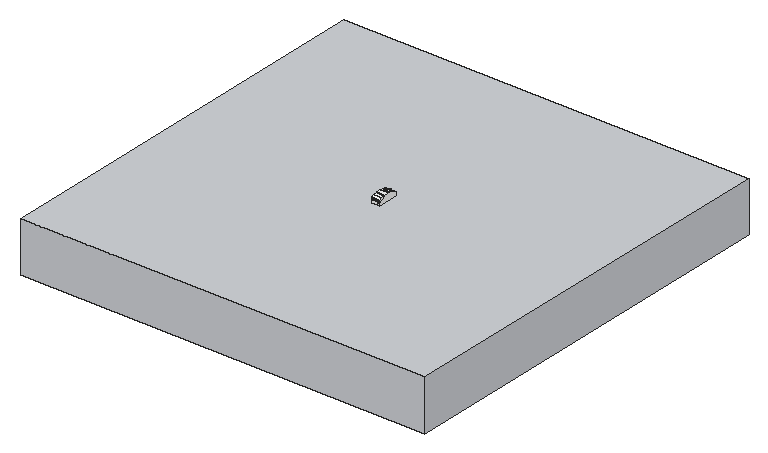
Revit family "Legrand_Lighting_Management_DALI_Power_Supply_Ceiling", category Dispositifs d'éclairage, Revit 2020
Family settings
  Hôte = Face
  Conserver l'orientation des annotations = Non
  Cote de connecteur circulaire = Utiliser le diamètre
  Type d'élément = Normal
  Couper avec des vides une fois chargée = Non
  Partagée = Non
  Point de calcul de pièce = Non
Parameters (values of type "DALI Power Supply")
  Voltage type = ""
  URL = "http://www.legrandoc.com/003515"
  Temperature (MIN) (°C) = 0
  Temperature (MAX) (°C) = 0
  Suitable for wireless transmission = no
  Substation input = no
  Response value sensitivity adjustable = no
  Response value luminosity adjustable = no
  Response value luminosity (MIN) (lx) = 0
  Response value luminosity (MAX) (lx) = 0
  Remote operation = no
  RAL-number (akin) = 0
  Nominal voltage (V) = 0
  Mounting method = "Other"
  Modèle = "003515"
  Model = ""
  Min. switch-on time (s) = 0
  Maximum mounting height (m) = 0
  Max. transmission range sideways (m) = 0
  Max. transmission range frontally (m) = 0
  Max. switching power (W) = 0
  Max. starting current (A) = 0
  Max. duty cycle (mn) = 0
  Liaison neutre = no
  HVAC-control = no
  Gestion alarme = no
  General Conditions of Use = "https://export.legrand.com/en/terms-of-use-BIM-objects"
  Frequency (MIN) (Hz) = 0
  Frequency (MAX) (Hz) = 0
  Forced switch off = no
  Fabricant = "Legrand"
  Default Elevation = 1219.2 mm
  Dim function with dimmer basic element = no
  Diameter detection range on floor (m) = 0
  Detection angle horizontal (MIN) (°) = 0
  Detection angle horizontal (MAX) (°) = 0
  Description = "DALI power supply - 230 V - 250 mA - 16 V= - for false ceiling"
  Degree of protection (IP) = ""
  Cosses d'artère secondaire = no
  Constant light control = no
  Colour = none
  Collecteur de terre = no
  Boite de contrôle 2 sorties DALI = no
  Alimentation DALI = yes
Types (3, lengths in mm): name | URL | Substation input | Mounting method | Modèle | Model | Frequency (MIN) (Hz) | Frequency (MAX) (Hz) | Description | Degree of protection (IP) | Boite de contrôle 2 sorties DALI | Alimentation DALI
  (no name) | "http://www.legrandoc.com/048876" | yes | "Surface mounted (plaster)" | "048876" | "Control module" | 50 | 60 | "DALI power supply - for Cat.Nos 0 489 35/36 - 16 DALI ballasts max." | "IP20" | yes | no
  DALI Power Supply | "http://www.legrandoc.com/003515" | no | "Other" | "003515" | "" | 0 | 0 | "DALI power supply - 230 V - 250 mA - 16 V= - for false ceiling" | "" | no | yes
  Control Box 2 outputs DALI | "http://www.legrandoc.com/048876" | yes | "Surface mounted (plaster)" | "048876" | "Control module" | 50 | 60 | "DALI power supply - for Cat.Nos 0 489 35/36 - 16 DALI ballasts max." | "IP20" | yes | no
Reference planes
  plane 1 "Centre (avant/arrière)": y = 0
  plane 2: z = 0
  plane 3 "Centre (gauche/droite)": x = 0
Forms (mm)
  Extrusion 1, solid
    sketch origin (0, 0, 0) x (1, 0, 0) y (0, 1, 0)
      loop
        line (-1219.2, 1219.2) -> (-1219.2, -1219.2) -> (1219.2, -1219.2) -> (1219.2, 1219.2) -> (-1219.2, 1219.2)
    from 0 to -304.8
Dimensions and locks
  aligned and locked: plane 2 to Extrusion 1
  aligned and locked: level to Extrusion 1
Nested families
  nested 1: "Modelisation 50" at (-25.75, 0, 0), visible <- "Boite de contrôle 2 sorties DALI", type "Modelisation 50"
  nested 2: "Modelisation 49" at (-25.75, 0, 0), visible <- "Alimentation DALI", type "Modelisation 49"
Connectors
  electrical at (0, 0, 0)
    settings: index 1, voltage 230 V, apparent load 0 VA, apparent load phase1 0 VA, apparent load phase2 0 VA, apparent load phase3 0 VA, power factor 1, load classification "Eclairage", number of poles 1, system type 30, power factor state 1, is connector primary yes, connector utility no, sub classification motor no, connector description ""
Definition of nested family "Modelisation 50"
  Parameters (values of type "Modelisation 50")
    Matériau couleur = none
    Longueur = 115 mm
    Largeur = 190 mm
    built-in parameter 1140140 [instance] = 1 (stored number, unit not read)
    Hauteur = 38 mm
    Default Elevation = 0 mm
    built-in parameter 1140142 [instance] = -1
    built-in parameter 1155100 [instance] = -1
  Reference planes
    plane 1 "Centre (avant/arrière)": y = 0
    plane 2: z = 0
    plane 3 "Centre (gauche/droite)": x = 25.75
  Forms (mm)
    Extrusion 1, solid, material <- "Matériau couleur"
      sketch origin (25.75, 80, 30) x (0, 0, 1) y (0, -1, 0)
        loop
          line (-30, 120) -> (-30, 0) -> (15, 0)
          arc (15, 0) -> (18.536, 1.464) -> (20, 5) r 5
          line (20, 5) -> (20, 20)
          arc (20, 20) -> (21.293, 24.912) -> (23.734, 29.365) r 20.874
          arc (23.734, 29.365) -> (27.981, 37.311) -> (30, 46.09) r 34.122
          line (30, 46.09) -> (30, 120) -> (-30, 120)
      from -95 to 95
    Extrusion 2, solid, material <- "Matériau couleur"
      sketch origin (25.75, 31, 29.578) x (0, 0, -1) y (1, 0, 0)
        loop
          arc (7.578, -70) -> (17.578, -80) -> (27.578, -70) r 10
          line (27.578, -70) -> (27.578, 70)
          arc (27.578, 70) -> (17.578, 80) -> (7.578, 70) r 10
          line (7.578, 70) -> (7.578, -70)
      from 71 to 86
    Extrusion 3, solid, material <- "Matériau couleur"
      sketch origin (25.75, 31, 29.578) x (0, 0, -1) y (1, 0, 0)
        loop
          line (25.078, -70) -> (25.078, 70)
          arc (25.078, 70) -> (17.578, 77.5) -> (10.078, 70) r 7.5
          line (10.078, 70) -> (10.078, -70)
          arc (10.078, -70) -> (17.578, -77.5) -> (25.078, -70) r 7.5
      from 86 to 101
    Extrusion 4, solid, material <- "Matériau couleur"
      sketch origin (0, 80, -19.5) x (0, -1, 0) y (1, 0, 0)
        loop
          line (150, 95.75) -> (150, 83.75) -> (154, 83.75)
          arc (154, 83.75) -> (160, 89.75) -> (154, 95.75) r 6
          line (154, 95.75) -> (150, 95.75)
        loop
          line (150, 45.25) -> (150, 33.25) -> (154, 33.25)
          arc (154, 33.25) -> (160, 39.25) -> (154, 45.25) r 6
          line (154, 45.25) -> (150, 45.25)
        loop
          line (150, 62.05) -> (150, 50.05) -> (154, 50.05)
          arc (154, 50.05) -> (160, 56.05) -> (154, 62.05) r 6
          line (154, 62.05) -> (150, 62.05)
        loop
          line (150, 78.95) -> (150, 66.95) -> (154, 66.95)
          arc (154, 66.95) -> (160, 72.95) -> (154, 78.95) r 6
          line (154, 78.95) -> (150, 78.95)
        loop
          line (150, 18.25) -> (150, 6.25) -> (154, 6.25)
          arc (154, 6.25) -> (160, 12.25) -> (154, 18.25) r 6
          line (154, 18.25) -> (150, 18.25)
        loop
          line (150, -32.25) -> (150, -44.25) -> (154, -44.25)
          arc (154, -44.25) -> (160, -38.25) -> (154, -32.25) r 6
          line (154, -32.25) -> (150, -32.25)
        loop
          line (150, -15.45) -> (150, -27.45) -> (154, -27.45)
          arc (154, -27.45) -> (160, -21.45) -> (154, -15.45) r 6
          line (154, -15.45) -> (150, -15.45)
        loop
          line (150, 1.45) -> (150, -10.55) -> (154, -10.55)
          arc (154, -10.55) -> (160, -4.55) -> (154, 1.45) r 6
          line (154, 1.45) -> (150, 1.45)
      from 24 to 25.5
    Extrusion 5, void
      sketch origin (25.75, 31, 29.578) x (0, 0, -1) y (1, 0, 0)
        loop
          line (23.578, -70) -> (23.578, -7.5) -> (16.578, -7.5)
          arc (16.578, -7.5) -> (13.043, -8.964) -> (11.578, -12.5) r 5
          line (11.578, -12.5) -> (11.578, -65)
          arc (11.578, -65) -> (13.043, -68.536) -> (16.578, -70) r 5
          line (16.578, -70) -> (23.578, -70)
        loop
          line (23.578, 7.5) -> (23.578, 70) -> (16.578, 70)
          arc (16.578, 70) -> (13.043, 68.536) -> (11.578, 65) r 5
          line (11.578, 65) -> (11.578, 12.5)
          arc (11.578, 12.5) -> (13.043, 8.964) -> (16.578, 7.5) r 5
          line (16.578, 7.5) -> (23.578, 7.5)
      from 86 to 101
    Extrusion 6, void
      sketch origin (25.75, 51, 3.989) x (-1, 0, 0) y (0, -1, 0)
        loop
          arc (-95, 81) -> (-92.071, 88.071) -> (-85, 91) r 10
          line (-85, 91) -> (-95, 91) -> (-95, 81)
      from -3.989 to 56.011
    Extrusion 7, void
      sketch origin (25.75, 51, 3.989) x (-1, 0, 0) y (0, -1, 0)
        loop
          line (95, 81) -> (95, 91) -> (85, 91)
          arc (85, 91) -> (92.071, 88.071) -> (95, 81) r 10
      from -3.989 to 56.011
    Extrusion 8, void
      sketch origin (25.75, -11, 3.989) x (1, 0, 0) y (0, 1, 0)
        loop
          line (95, 81) -> (95, 91) -> (85, 91)
          arc (85, 91) -> (92.071, 88.071) -> (95, 81) r 10
      from -3.989 to 46.011
    Extrusion 9, void
      sketch origin (25.75, -11, 3.989) x (1, 0, 0) y (0, 1, 0)
        loop
          arc (-95, 81) -> (-92.071, 88.071) -> (-85, 91) r 10
          line (-85, 91) -> (-95, 91) -> (-95, 81)
      from -3.989 to 46.011
  Cuts and joins
    Extrusion 5, Extrusion 6, Extrusion 7, Extrusion 8, Extrusion 9 cuts Extrusion 1
    Extrusion 5 cuts Extrusion 3
  Dimensions and locks
    aligned and locked: level to plane 2
Definition of nested family "Modelisation 49"
  Parameters (values of type "Modelisation 49")
    Matériau couleur = none
    Longueur = 115 mm
    Largeur = 50 mm
    built-in parameter 1140140 [instance] = 1 (stored number, unit not read)
    Hauteur = 38 mm
    Default Elevation = 0 mm
    built-in parameter 1140142 [instance] = -1
    built-in parameter 1155100 [instance] = -1
  Reference planes
    plane 1 "Centre (avant/arrière)": y = 0
    plane 2: z = 0
    plane 3 "Centre (gauche/droite)": x = 25.75
    plane 4: z = 15
    plane 5: z = 18.8
    plane 6: x = 2.25
    plane 7: x = 5.25
    plane 8: x = 46.25
  Forms (mm)
    Extrusion 1, solid, material <- "Matériau couleur"
      sketch origin (25.75, 8.5, 0) x (0, 1, 0) y (0, 0, 1)
        loop
          line (-74.5, 0) -> (48.5, 0) -> (48.5, 16.79)
          arc (48.5, 16.79) -> (47.336, 20.554) -> (44.563, 23.355) r 8.28
          arc (44.563, 23.355) -> (18.862, 33.671) -> (-8.5, 37.953) r 122.539
          line (-8.5, 37.953) -> (-36.5, 38) -> (-36.5, 35)
          arc (-36.5, 35) -> (-46.352, 25.755) -> (-57.824, 18.617) r 68.699
          arc (-57.824, 18.617) -> (-64.82, 16.045) -> (-72.2, 15) r 35.283
          line (-72.2, 15) -> (-74.5, 15) -> (-74.5, 0)
      from -25 to 25
    Extrusion 2, solid, material <- "Matériau couleur"
      sketch origin (25.75, 0, 0) x (0, 1, 0) y (0, 0, 1)
        loop
          arc (-28, 36.5) -> (-39.555, 35.645) -> (-50.706, 32.496) r 57.666
          arc (-50.706, 32.496) -> (-56.848, 29.693) -> (-62.664, 26.263) r 64.505
          arc (-62.664, 26.263) -> (-63.974, 24.651) -> (-64.5, 22.642) r 4.903
          line (-64.5, 22.642) -> (-64.5, 15) -> (-63.7, 15)
          arc (-63.7, 15) -> (-56.32, 16.045) -> (-49.324, 18.617) r 35.283
          arc (-49.324, 18.617) -> (-37.852, 25.755) -> (-28, 35) r 68.699
          line (-28, 35) -> (-28, 36.5)
      from -23.5 to 23.5
    Extrusion 3, void
      sketch origin (25.75, -0.422, 49) x (0, -1, 0) y (1, 0, 0)
        loop
          arc (-52.985, -16.929) -> (-52.378, -18.395) -> (-50.912, -19.002) r 2.073
          line (-50.912, -19.002) -> (-48.839, -19.002)
          arc (-48.839, -19.002) -> (-45.472, -18.284) -> (-42.506, -16.537) r 10.74
          arc (-42.506, -16.537) -> (-40.251, -14.817) -> (-37.535, -14.004) r 7.9
          line (-37.535, -14.004) -> (-30.436, -14.004)
          arc (-30.436, -14.004) -> (-27.713, -14.82) -> (-25.455, -16.547) r 7.903
          arc (-25.455, -16.547) -> (-22.998, -18.35) -> (-20.033, -19.053) r 7.657
          arc (-20.033, -19.053) -> (-16.464, -17.574) -> (-14.985, -14.004) r 5.048
          line (-14.985, -14.004) -> (-14.985, 14.004)
          arc (-14.985, 14.004) -> (-16.464, 17.574) -> (-20.033, 19.053) r 5.048
          arc (-20.033, 19.053) -> (-23.064, 18.319) -> (-25.551, 16.439) r 7.657
          arc (-25.551, 16.439) -> (-27.776, 14.784) -> (-30.436, 14) r 7.902
          line (-30.436, 14) -> (-37.534, 14)
          arc (-37.534, 14) -> (-40.252, 14.813) -> (-42.507, 16.534) r 7.902
          arc (-42.507, 16.534) -> (-45.473, 18.281) -> (-48.84, 19) r 10.739
          line (-48.84, 19) -> (-51.013, 19)
          arc (-51.013, 19) -> (-52.413, 18.359) -> (-52.985, 16.929) r 2.073
          line (-52.985, 16.929) -> (-52.985, -16.929)
      from -26 to -11
    Extrusion 4, solid, material <- "Matériau couleur"
      sketch origin (25.75, -0.422, 44.737) x (0, -1, 0) y (1, 0, 0)
        loop
          arc (-66.422, -5.637) -> (-65.992, -7.352) -> (-64.527, -8.343) r 2.474
          line (-64.527, -8.343) -> (-58.842, -9.669)
          arc (-58.842, -9.669) -> (-58.077, -9.963) -> (-57.422, -10.456) r 2.969
          line (-57.422, -10.456) -> (-57.422, 10.456)
          arc (-57.422, 10.456) -> (-58.077, 9.963) -> (-58.842, 9.669) r 2.969
          line (-58.842, 9.669) -> (-64.527, 8.343)
          arc (-64.527, 8.343) -> (-65.807, 7.585) -> (-66.422, 6.229) r 2.474
          line (-66.422, 6.229) -> (-66.422, -5.637)
      from -44.737 to -41.737
    Extrusion 5, void
      sketch origin (0, 0, 0) x (1, 0, 0) y (0, 0, 1)
        loop
          arc (7.15, 18.8) -> (5.807, 18.243) -> (5.25, 16.9) r 1.9
          line (5.25, 16.9) -> (5.25, 14.999) -> (46.25, 14.999) -> (46.25, 16.9)
          arc (46.25, 16.9) -> (45.693, 18.243) -> (44.35, 18.8) r 1.9
          line (44.35, 18.8) -> (7.15, 18.8)
      from 63.69 to 64.5
  Cuts and joins
    Extrusion 3 cuts Extrusion 1
    Extrusion 5 cuts Extrusion 2
  Dimensions and locks
    aligned and locked: level to plane 2
